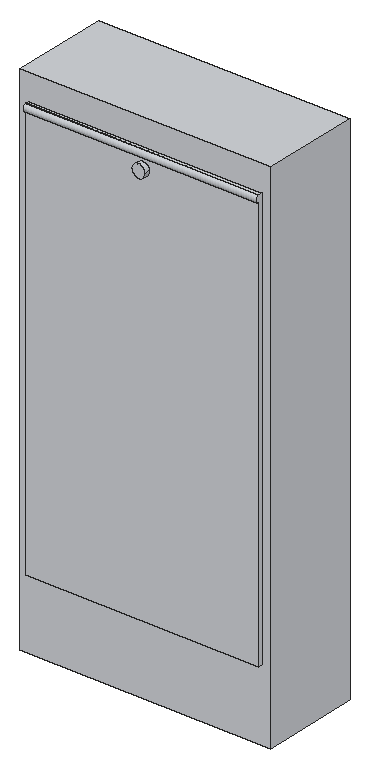
Revit family "LXMMPED", category Modelos genéricos, Revit 2020
Family settings
  Pode hospedar o vergalhão = Não
  Cota do conector redondo = Utilizar diâmetro
  Tipo de parte = Normal
  Número OmniClass = 23.60.00.00
  Título OmniClass = General Purpose: Services
  Com base no plano de trabalho = Não
  Sempre na vertical = Sim
  Corte com vazios quando carregada = Não
  Compartilhado = Sim
  Ponto de cálculo do ambiente = Não
Parameters (values of type "LXMMPED")
  l = 384 mm
  h = 798 mm
  es = 152 mm
  URL = "www.rainbird.com"
  SupportProjetos: Review Date = ""  # constant formula
  SupportProjetos: Review = "R00"  # constant formula
  SupportProjetos: Level of Detail = "LOD300"  # constant formula
  SupportProjetos: Developed = "MICHEL SOARES MOTA"  # constant formula
  SupportProjetos: Creation Date = "17/09/2020"  # constant formula
  RainBird: Product Link = "www.rainbird.com"
  RainBird: Description = "LXMMPED"
  RainBird: Comment = ""
  RainBird: Code = "F42410"  # constant formula
  Model = "LXMMPED"
  Elevação padrão = 0 mm
  Type Comments = RainBird: Description  # "LXMMPED"
Reference planes
  plane 1 "Centro (Frente/Trás)": y = 0
  plane 2: z = 0
  plane 3 "Centro (Esquerda/Direita)": x = 0
Forms (mm)
  Extrusion 1, solid
    sketch origin (0, 0, 0) x (1, 0, 0) y (0, 1, 0)
      loop
        line (-192, 0) -> (-192, -152) -> (192, -152) -> (192, 0) -> (-192, 0)
    from 0 to 798
  Extrusion 2, solid
    sketch origin (0, 0, 0) x (1, 0, 0) y (0, 1, 0)
      loop
        line (-178.527, -152) -> (-178.527, -156.677) -> (178.527, -156.677) -> (178.527, -152) -> (-178.527, -152)
    from 109.537 to 758.001
  Extrusion 3, solid
    sketch origin (0, 0, -12.5) x (1, 0, 0) y (0, 0, 1)
      loop
        circle (0, 743.344) r 10
    from 152 to 164.234
  Extrusion 4, solid
    sketch origin (0, 0, 0) x (0, 1, 0) y (0, 0, 1)
      loop
        arc (-156.677, 757.318) -> (-161.851, 751.923) -> (-156.677, 746.528) r 5.399
        line (-156.677, 746.528) -> (-156.677, 757.318)
    from -178.527 to 178.527
Cuts and joins
  joined: Extrusion 2, Extrusion 3, Extrusion 4
Dimensions and locks
  equal spacing: Extrusion 1 sketch curve, plane 3 "Centro (Esquerda/Direita)", Extrusion 1 sketch curve
  "l": Extrusion 1 sketch curve to Extrusion 1 sketch curve
  "es": Extrusion 1 sketch curve to Extrusion 1 sketch curve
  equal spacing: Extrusion 2 sketch curve, plane 3 "Centro (Esquerda/Direita)", Extrusion 2 sketch curve
  "h": Extrusion 1 to Extrusion 1
  aligned and locked: level to plane 2
  aligned and locked: plane 1 "Centro (Frente/Trás)" to Extrusion 1 sketch curve
  aligned and locked: Extrusion 1 to level
Automatic sketch dimensions
  plane 1 "Centro (Frente/Trás)" to Extrusion 2 sketch curve = 156.677 mm
  Extrusion 2 sketch curve to Extrusion 2 sketch curve = 4.677 mm
  Extrusion 2 sketch curve to plane 3 "Centro (Esquerda/Direita)" = 178.527 mm
  Extrusion 3 sketch curve to plane 3 "Centro (Esquerda/Direita)" = 0 mm
  level to Extrusion 3 sketch curve = 730.844 mm
  plane 1 "Centro (Frente/Trás)" to Extrusion 4 sketch curve = 156.451 mm
  level to Extrusion 4 sketch curve = 751.923 mm
  Extrusion 4 sketch curve to Extrusion 4 sketch curve = 0.226 mm
  Extrusion 4 sketch curve to Extrusion 4 sketch curve = 5.395 mm
  radius of Extrusion 3 sketch curve = 10 mm
